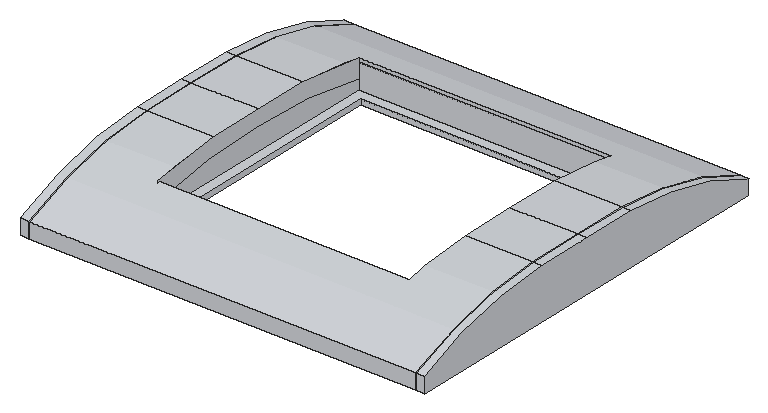
Revit family "Gira_0211327", category Electrical Fixtures, host Face, Revit 2017
Family settings
  Host = Face
  Maintain Annotation Orientation = No
  Round Connector Dimension = Use Diameter
  Part Type = Normal
  Cut with Voids When Loaded = No
  Shared = No
  Room Calculation Point = No
Parameters (values of type "Cov.fr. 1-g interm.fr. PW Gira Event p.white m")
  With mounting grid = "No"
  With hinged lid = "No"
  URL = "http://katalog.gira.de/en/datenblatt.html?artikelnr=0211327"
  Type of fastening = "Clamp mounting"
  Transparent = "No"
  Surface protection = "Other"
  Surface finishing = "Matt"
  Suitable for wall duct = "No"
  Suitable for flush-mounted installation = "Yes"
  Suitable for floor box = "No"
  Suitable for built-in installation = "No"
  RAL-number (akin) = "9010"
  Number of units vertical = "1"
  Number of units horizontal = "1"
  Number of units = "1"
  Name = "Cov.fr. 1-g interm.fr. PW Gira Event p.white m"
  Mounting direction = "Horizontal and vertical"
  Material quality = "Thermoplastic"
  Material = "Plastic"
  Manufacturer URL = "https://www.gira.de/"
  Manufacturer = "Gira"
  Label space/information surface = "No"
  Keynote = ""
  HeinzeBIM = "https://bimportal.heinze.de/bim/cov-fr-1-g-interm-fr-pw-gira-event-p-white-m/40419200293ae6c47bd56117450fc9b1e1aaaf92"
  Halogen free = "Yes"
  HAN = "0211327"
  GTIN = "4010337074168"
  Description = "Cov.fr.1g i.fr.PW Event PWm,Gira Event frames,pure white matt with pure white glossy intermediate frame,1-gang,Features:,- Shatter-proof."
  Degree of protection (IP) = "IP20"
  Default Elevation = 1219.2 mm
  Data sheet (1) = "https://katalog.gira.de/en/download.html?artikelnr=0211327"
  Colour = "White"
  Category = "Cover frame for domestic switching devices"
  BIM (1) = "https://media.stage.bim.site/public/gira/36a6b08/Event_Rahmen_1fach.rfa"
  Available = "No"
Reference planes
  plane 1 "Center (Front/Back)": y = 0
  plane 2: z = 0
  plane 3 "Center (Left/Right)": x = 0
Forms (mm)
  Extrusion 1, solid, detail levels fine
    sketch origin (0, 0, 1.55) x (0, 1, 0) y (0, 0, 1)
      loop
        arc (12.445, 9.683) -> (6.223, 9.833) -> (0, 9.85) r 291.636
        arc (0, 9.85) -> (-6.223, 9.833) -> (-12.445, 9.683) r 291.636
        arc (-12.445, 9.683) -> (-29.14, 7.482) -> (-45, 1.823) r 79.728
        line (-45, 1.823) -> (-45, -1.55) -> (-41.777, -1.55) -> (-41.777, -0.55)
        arc (-41.777, -0.55) -> (-21.205, 4.846) -> (0, 6.467) r 118.15
        arc (0, 6.467) -> (21.205, 4.846) -> (41.777, -0.55) r 118.15
        line (41.777, -0.55) -> (41.777, -1.55) -> (45, -1.55) -> (45, 1.823)
        arc (45, 1.823) -> (29.14, 7.482) -> (12.445, 9.683) r 79.728
    from -43 to 43
  Extrusion 2, void, detail levels fine
    sketch origin (0, 0, 0) x (1, 0, 0) y (0, 1, 0)
      loop
        line (-28, -28) -> (28, -28) -> (28, 28) -> (-28, 28) -> (-28, -28)
    from 2.85 to 12
  Extrusion 3, solid, detail levels coarse
    sketch origin (0, 0, 0) x (1, 0, 0) y (0, 1, 0)
      loop
        line (-45, 45) -> (-45, -45) -> (45, -45) -> (45, 45) -> (-45, 45)
    from 0 to 11.4
  Extrusion 4, solid, detail levels medium
    sketch origin (0, 0, 1.55) x (0, 1, 0) y (0, 0, 1)
      loop
        arc (12.445, 9.683) -> (6.223, 9.833) -> (0, 9.85) r 291.636
        arc (0, 9.85) -> (-6.223, 9.833) -> (-12.445, 9.683) r 291.636
        arc (-12.445, 9.683) -> (-29.14, 7.482) -> (-45, 1.823) r 79.728
        line (-45, 1.823) -> (-45, -1.55) -> (45, -1.55) -> (45, 1.823)
        arc (45, 1.823) -> (29.14, 7.482) -> (12.445, 9.683) r 79.728
    from -45 to 45
  Extrusion 5, solid, detail levels fine
    sketch origin (0, 0, 0) x (0, 1, 0) y (0, 0, 1)
      loop
        arc (45, 3.373) -> (29.14, 9.032) -> (12.445, 11.233) r 79.728
        arc (12.445, 11.233) -> (6.223, 11.383) -> (0, 11.4) r 291.636
        arc (0, 11.4) -> (-6.223, 11.383) -> (-12.445, 11.233) r 291.636
        arc (-12.445, 11.233) -> (-29.14, 9.032) -> (-45, 3.373) r 79.728
        line (-45, 3.373) -> (-45, 0) -> (45, 0) -> (45, 3.373)
    from 43 to 45
  Extrusion 6, solid, detail levels fine
    sketch origin (0, 0, 0) x (0, 1, 0) y (0, 0, -1)
      loop
        line (45, -3.373) -> (45, 0) -> (-45, 0) -> (-45, -3.373)
        arc (-45, -3.373) -> (-29.14, -9.032) -> (-12.445, -11.233) r 79.728
        arc (-12.445, -11.233) -> (-6.223, -11.383) -> (0, -11.4) r 291.636
        arc (0, -11.4) -> (6.223, -11.383) -> (12.445, -11.233) r 291.636
        arc (12.445, -11.233) -> (29.14, -9.032) -> (45, -3.373) r 79.728
    from 43 to 45
  Extrusion 7, solid, detail levels fine
    sketch origin (0, 0, 0) x (1, 0, 0) y (0, 1, 0)
      loop
        line (-25.7, 25.7) -> (-25.7, -25.7) -> (25.7, -25.7) -> (25.7, 25.7) -> (-25.7, 25.7)
      loop
        line (-29.495, 27.895) -> (-29.495, -27.895)
        spline (-29.495, -27.895) -> (-29.486, -28.025) -> (-29.461, -28.154) -> (-29.419, -28.278) -> (-29.361, -28.395) -> (-29.288, -28.504) -> (-29.202, -28.602) -> (-29.104, -28.688) -> (-28.995, -28.761) -> (-28.878, -28.819) -> (-28.754, -28.861) -> (-28.625, -28.886) -> (-28.495, -28.895)
        line (-28.495, -28.895) -> (28.495, -28.895)
        spline (28.495, -28.895) -> (28.625, -28.886) -> (28.754, -28.861) -> (28.878, -28.819) -> (28.995, -28.761) -> (29.104, -28.688) -> (29.202, -28.602) -> (29.288, -28.504) -> (29.361, -28.395) -> (29.419, -28.278) -> (29.461, -28.154) -> (29.486, -28.025) -> (29.495, -27.895)
        line (29.495, -27.895) -> (29.495, 27.895)
        spline (29.495, 27.895) -> (29.486, 28.025) -> (29.461, 28.154) -> (29.419, 28.278) -> (29.361, 28.395) -> (29.288, 28.504) -> (29.202, 28.602) -> (29.104, 28.688) -> (28.995, 28.761) -> (28.878, 28.819) -> (28.754, 28.861) -> (28.625, 28.886) -> (28.495, 28.895)
        line (28.495, 28.895) -> (-28.495, 28.895)
        spline (-28.495, 28.895) -> (-28.625, 28.886) -> (-28.754, 28.861) -> (-28.878, 28.819) -> (-28.995, 28.761) -> (-29.104, 28.688) -> (-29.202, 28.602) -> (-29.288, 28.504) -> (-29.361, 28.395) -> (-29.419, 28.278) -> (-29.461, 28.154) -> (-29.486, 28.025) -> (-29.495, 27.895)
    from 1.673 to 8.5
Cuts and joins
  Extrusion 2 cuts Extrusion 1
  Extrusion 2 cuts Extrusion 7
Dimensions and locks
  aligned and locked: plane 2 to host face
  aligned and locked: level to host face
